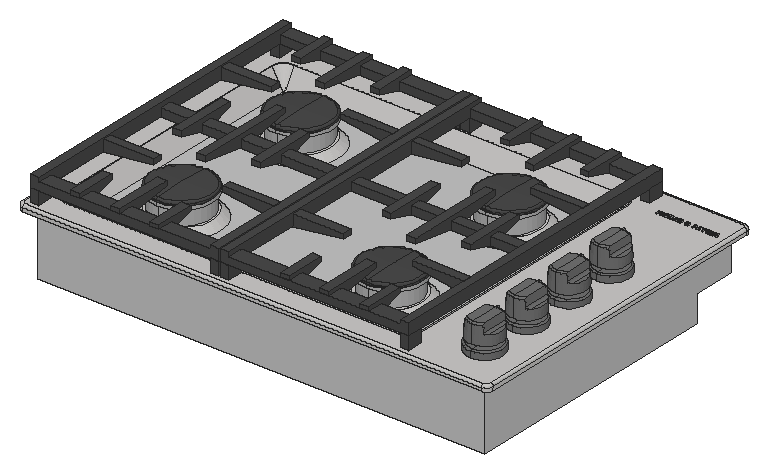
Revit family "FP_Revit_18_CDV3-304H-L_Cooktop_90001912A", category Specialty Equipment, Revit 2018
Family settings
  Round Connector Dimension = Use Diameter
  Part Type = Normal
  OmniClass Number = 23.40.40.14.17.11
  OmniClass Title = Cookers, Ovens, Stoves
  Work Plane-Based = No
  Always vertical = Yes
  Cut with Voids When Loaded = Yes
  Shared = No
  Room Calculation Point = No
Parameters (values of type "CDV3-304H-L")
  Visibility - Gas Elbow Side Facing = no
  Visibility - Gas Elbow Rear Facing = no
  Visibility - Clearance Required = yes
  URL = "www.fisherpaykel.com"
  Product - Width = 762 mm  # constant formula
  Product - Height = 162 mm  # constant formula
  Product - Depth = 533 mm  # constant formula
  Model = "CDV3-304H-L"
  Material - Trim = Fisher & Paykel - Aluminium, Dark
  Material - Cooktop = Fisher & Paykel - Stainless Steel
  Material - Burners & Trivets = Fisher & Paykel - Black, Matte
  Material - Body = Fisher & Paykel - Grey
  Manufacturer = "Fisher & Paykel Appliances"
  Keynote = ""
  FFL Offset [instance] = 915 mm
  Description = "30\" Professional Gas Cooktop,"
  Connector Note - Gas = "LP Supply Pressure = 11\" to 14\" WC, 1/2\" NPT Minimum 5/8\" dia. flex line"
  Connector Note - Electrical = "120 V, 0.1 A Max, 60 Hz"
  Clearance - Side Combustible = 305 mm  # constant formula
  Clearance - Rear Combustible = 51 mm  # constant formula
  Clearance - Overhead Rangehood = 762 mm  # constant formula
  Clearance - Overhead Non-Combustible = 762 mm  # constant formula
  Clearance - Overhead Combustible = 914 mm  # constant formula
  Clearance - Below Non-Combustible = 70 mm  # constant formula
  Clearance - Below Combustible = 65 mm  # constant formula
  Chassis - Width = 723 mm  # constant formula
  Chassis - Height = 102 mm  # constant formula
  Chassis - Depth = 497 mm  # constant formula
  Cavity - Width = 727 mm  # constant formula
  Cavity - Height = 112 mm  # constant formula
  Cavity - Depth = 502 mm  # constant formula
Types (5, lengths in mm): name | Visibility - Gas Elbow Side Facing | Visibility - Gas Elbow Rear Facing | Model | Connector Note - Gas
  (no name) | no | no | "CDV3-304H-L" | "LP Supply Pressure = 11\" to 14\" WC, 1/2\" NPT Minimum 5/8\" dia. flex line"
  CDV3-304H-L | no | no | "CDV3-304H-L" | "LP Supply Pressure = 11\" to 14\" WC, 1/2\" NPT Minimum 5/8\" dia. flex line"
  CDV3-304H-N | yes | yes | "CDV3-304H-N" | "NG Supply Pressure = 6\" to 9\" WC, 1/2\" NPT Minimum 5/8\" dia. flex line"
  CDV3-304-N | yes | yes | "CDV3-304-N" | "NG Supply Pressure = 6\" to 9\" WC, 1/2\" NPT Minimum 5/8\" dia. flex line"
  CDV3-304-L | yes | yes | "CDV3-304-L" | "LP Supply Pressure = 11\" to 14\" WC, 1/2\" NPT Minimum 5/8\" dia. flex line"
Reference planes
  plane 1 "Datum": y = 0
  plane 2: z = 0
  plane 3 "Center (Left/Right)": x = 0
  plane 4 "Product LHS": x = -381
  plane 5 "Product RHS": x = 381
  plane 6 "Product - Depth": y = 533
  plane 7 "Cavity LHS": x = -363.5
  plane 8 "Cavity RHS": x = 363.5
  plane 9 "Cavity - Front": y = 15.8
  plane 10 "Cavity - Depth": y = 517.8
  plane 11 "Basepan": z = 813
  plane 12 "Countertop": z = 915
  plane 13 "Hob Top": z = 924.5
Forms (mm)
  Extrusion 1, solid, material "Fisher & Paykel - Grey" <- "Material - Body"
    sketch origin (0, 0, 0) x (1, 0, 0) y (0, 1, 0)
      loop
        line (361.5, 447.3) -> (255, 447.3) -> (255, 515.3) -> (-361.5, 515.3) -> (-361.5, 18.3) -> (361.5, 18.3) -> (361.5, 447.3)
    from 813 to 915
  Extrusion 2, solid, material "Fisher & Paykel - Clearance Required (Cutout)", visible <- "Visibility - Clearance Required", detail levels coarse
    sketch origin (0, 0, 0) x (1, 0, 0) y (0, 1, 0)
      loop
        line (-363.5, 15.8) -> (363.5, 15.8) -> (363.5, 517.8) -> (-363.5, 517.8) -> (-363.5, 15.8)
    from 803 to 915
  Extrusion 3, solid, material "Fisher & Paykel - Stainless Steel" <- "Material - Cooktop"
    sketch origin (0, 0, 0) x (1, 0, 0) y (0, 1, 0)
      loop
        arc (-371, 533) -> (-378.071, 530.071) -> (-381, 523) r 10
        line (-381, 523) -> (-381, 10)
        arc (-381, 10) -> (-378.071, 2.929) -> (-371, 0) r 10
        line (-371, 0) -> (371, 0)
        arc (371, 0) -> (378.071, 2.929) -> (381, 10) r 10
        line (381, 10) -> (381, 523)
        arc (381, 523) -> (378.071, 530.071) -> (371, 533) r 10
        line (371, 533) -> (-371, 533)
    from 915 to 924.5
  Extrusion 4, void
    sketch origin (0, 0, 0) x (1, 0, 0) y (0, 1, 0)
      loop
        arc (-330.447, 496.197) -> (-344.589, 490.34) -> (-350.447, 476.197) r 20
        line (-350.447, 476.197) -> (-350.447, 57.203)
        arc (-350.447, 57.203) -> (-344.589, 43.06) -> (-330.447, 37.203) r 20
        line (-330.447, 37.203) -> (205.627, 37.203)
        arc (205.627, 37.203) -> (219.769, 43.06) -> (225.627, 57.203) r 20
        line (225.627, 57.203) -> (225.627, 476.197)
        arc (225.627, 476.197) -> (219.769, 490.34) -> (205.627, 496.197) r 20
        line (205.627, 496.197) -> (-330.447, 496.197)
    from 893 to 924.5
  Sweep 5, solid, material "Fisher & Paykel - Stainless Steel" <- "Material - Cooktop", detail levels fine
    path in 3D
      loop
        arc (205.627, 496.197, 924.5) -> (219.769, 490.34, 924.5) -> (225.627, 476.197, 924.5) r 20
        line (225.627, 476.197, 924.5) -> (225.627, 57.203, 924.5)
        arc (225.627, 57.203, 924.5) -> (219.769, 43.06, 924.5) -> (205.627, 37.203, 924.5) r 20
        line (205.627, 37.203, 924.5) -> (-330.447, 37.203, 924.5)
        arc (-330.447, 37.203, 924.5) -> (-344.589, 43.06, 924.5) -> (-350.447, 57.203, 924.5) r 20
        line (-350.447, 57.203, 924.5) -> (-350.447, 476.197, 924.5)
        arc (-350.447, 476.197, 924.5) -> (-344.589, 490.34, 924.5) -> (-330.447, 496.197, 924.5) r 20
        line (-330.447, 496.197, 924.5) -> (205.627, 496.197, 924.5)
    profile origin (-62.41, 496.197, 924.5) x (0, 1, 0) y (0, 0, 1)
      loop
        line (0, 0) -> (-18.187, -31.5) -> (0, -31.5) -> (0, 0)
  Sweep 6, void
    path in 3D
      loop
        arc (381, 523, 924.5) -> (378.071, 530.071, 924.5) -> (371, 533, 924.5) r 10
        line (371, 533, 924.5) -> (-371, 533, 924.5)
        arc (-371, 533, 924.5) -> (-378.071, 530.071, 924.5) -> (-381, 523, 924.5) r 10
        line (-381, 523, 924.5) -> (-381, 10, 924.5)
        arc (-381, 10, 924.5) -> (-378.071, 2.929, 924.5) -> (-371, 0, 924.5) r 10
        line (-371, 0, 924.5) -> (371, 0, 924.5)
        arc (371, 0, 924.5) -> (378.071, 2.929, 924.5) -> (381, 10, 924.5) r 10
        line (381, 10, 924.5) -> (381, 523, 924.5)
    profile origin (381, 266.5, 924.5) x (-1, 0, 0) y (0, 0, 1)
      loop
        line (0, 0) -> (0, -4)
        arc (0, -4) -> (1.172, -1.172) -> (4, 0) r 4
        line (4, 0) -> (0, 0)
  Extrusion 7, solid, material "Fisher & Paykel - Grey" <- "Material - Body"
    sketch origin (0, 0, 0) x (1, 0, 0) y (0, 1, 0)
      loop
        circle (338.231, 491.487) r 3
    from 856.4 to 844
  Extrusion 8, solid, material "Fisher & Paykel - Grey" <- "Material - Body"
    sketch origin (0, 0, 0) x (1, 0, 0) y (0, 1, 0)
      loop
        circle (290.996, 481.611) r 10.5
      loop
        circle (290.996, 481.611) r 7
    from 844 to 856.4
  Extrusion 9, void
    sketch origin (0, 0, 0) x (1, 0, 0) y (0, 1, 0)
      loop
        line (-363.5, 15.8) -> (363.5, 15.8) -> (363.5, 517.8) -> (-363.5, 517.8) -> (-363.5, 15.8)
    from 803 to 915
  Extrusion 10, solid, material "Fisher & Paykel - Clearance Required (Combustible)", visible <- "Visibility - Clearance Required", detail levels coarse
    sketch origin (0, 0, -9.5) x (1, 0, 0) y (0, 1, 0)
      loop
        line (-686, 0) -> (-381, 0) -> (-381, 533) -> (381, 533) -> (381, 0) -> (686, 0) -> (686, 568.8) -> (-686, 568.8) -> (-686, 0)
    from 924.5 to 1381.5
  Extrusion 11, solid, material "Fisher & Paykel - Clearance Required (Non-Combustible)", visible <- "Visibility - Clearance Required", detail levels coarse
    sketch origin (0, 0, 0) x (1, 0, 0) y (0, 1, 0)
      loop
        line (-381, 0) -> (381, 0) -> (381, 533) -> (-381, 533) -> (-381, 0)
    from 924.5 to 1686.5
  Extrusion 12, solid, material "Fisher & Paykel - Clearance Required (Combustible)", visible <- "Visibility - Clearance Required", detail levels coarse
    sketch origin (0, 0, 0) x (1, 0, 0) y (0, 1, 0)
      loop
        line (-381, 0) -> (381, 0) -> (381, 533) -> (-381, 533) -> (-381, 0)
    from 1686.5 to 1838.5
  Extrusion 13, solid, material "Fisher & Paykel - Grey" <- "Material - Body"
    sketch origin (0, 0, 0) x (1, 0, 0) y (0, 1, 0)
      loop
        line (255, 447.3) -> (361.5, 447.3) -> (361.5, 515.3) -> (255, 515.3) -> (255, 447.3)
    from 856.4 to 915
Cuts and joins
  Extrusion 4 cuts Extrusion 1
  joined: Extrusion 1, Extrusion 13
  Extrusion 4, Sweep 6 cuts Extrusion 3
Lines and regions (mm)
  sketch lines
    curve 1: line (-330.447, 496.197, 924.5) -> (205.627, 496.197, 924.5)
    curve 2: arc (225.627, 476.197, 924.5) -> (219.769, 490.34, 924.5) -> (205.627, 496.197, 924.5) r 20
    curve 3: line (225.627, 476.197, 924.5) -> (225.627, 57.203, 924.5)
    curve 4: arc (205.627, 37.203, 924.5) -> (219.769, 43.06, 924.5) -> (225.627, 57.203, 924.5) r 20
    curve 5: line (205.627, 37.203, 924.5) -> (-330.447, 37.203, 924.5)
    curve 6: arc (-350.447, 57.203, 924.5) -> (-344.589, 43.06, 924.5) -> (-330.447, 37.203, 924.5) r 20
    curve 7: arc (-330.447, 496.197, 924.5) -> (-344.589, 490.34, 924.5) -> (-350.447, 476.197, 924.5) r 20
    curve 8: line (-350.447, 57.203, 924.5) -> (-350.447, 476.197, 924.5)
    curve 9: line (381, 10, 924.5) -> (381, 523, 924.5)
    curve 10: arc (381, 10, 924.5) -> (378.071, 2.929, 924.5) -> (371, 0, 924.5) r 10
    curve 11: line (-371, 0, 924.5) -> (371, 0, 924.5)
    curve 12: arc (-371, 0, 924.5) -> (-378.071, 2.929, 924.5) -> (-381, 10, 924.5) r 10
    curve 13: line (-381, 523, 924.5) -> (-381, 10, 924.5)
    curve 14: arc (-381, 523, 924.5) -> (-378.071, 530.071, 924.5) -> (-371, 533, 924.5) r 10
    curve 15: line (371, 533, 924.5) -> (-371, 533, 924.5)
    curve 16: arc (371, 533, 924.5) -> (378.071, 530.071, 924.5) -> (381, 523, 924.5) r 10
Text (mm)
  text "Due to ongoing product development, product details are subject to change without notice. \nPlease always refer to www.fisherpaykel.com for the most current product information. \n© Fisher & Paykel 2020" at (41.04, -459.323, 0), in view "Ref. Level (Plan)"
Dimensions and locks
  equal spacing: plane 4 "Product LHS", plane 3 "Center (Left/Right)", plane 5 "Product RHS"
  "Product - Width": plane 4 "Product LHS" to plane 5 "Product RHS"
  equal spacing: plane 7 "Cavity LHS", plane 3 "Center (Left/Right)", plane 8 "Cavity RHS"
  "Cavity - Width": plane 7 "Cavity LHS" to plane 8 "Cavity RHS"
  "Chassis - Width": cut or joined group of Extrusion 1, Extrusion 4, Extrusion 13 to cut or joined group of Extrusion 1, Extrusion 4, Extrusion 13
  equal spacing: cut or joined group of Extrusion 1, Extrusion 4, Extrusion 13, plane 3 "Center (Left/Right)", cut or joined group of Extrusion 1, Extrusion 4, Extrusion 13
  "Product - Depth": plane 6 "Product - Depth" to plane 1 "Datum"
  "Cavity - Depth": plane 9 "Cavity - Front" to plane 10 "Cavity - Depth"
  locked: plane 1 "Datum" to plane 9 "Cavity - Front" at 15.8
  locked: plane 13 "Hob Top" to plane 12 "Countertop" at 9.5
  "Chassis - Height": plane 12 "Countertop" to plane 11 "Basepan"
  "FFL Offset": plane 12 "Countertop" to level
  "Cavity - Height": plane 12 "Countertop" to Extrusion 2
  plane 12 "Countertop" to Sweep 5 = 22 mm
  locked: nested 3 to plane 12 "Countertop" at 49.5
  locked: plane 12 "Countertop" to cut or joined group of Extrusion 1, Extrusion 4, Extrusion 13 at 22
  locked: Extrusion 10 to plane 12 "Countertop" at 457
  "Clearance - Overhead Non-Combustible": Extrusion 11 to plane 13 "Hob Top"
  Extrusion 10 to plane 10 "Cavity - Depth" to cut or joined group of Extrusion 1, Extrusion 4, Extrusion 13 = 15.2 mm, 2.5 mm
  "Clearance - Overhead Combustible": Extrusion 12 to plane 13 "Hob Top"
  "Clearance - Rear Combustible": Extrusion 10 to plane 10 "Cavity - Depth"
  "Clearance - Side Combustible": Extrusion 10 to plane 4 "Product LHS"
  "Clearance - Side Combustible": plane 5 "Product RHS" to Extrusion 10
  "Chassis - Depth": cut or joined group of Extrusion 1, Extrusion 4, Extrusion 13 to cut or joined group of Extrusion 1, Extrusion 4, Extrusion 13
  locked: plane 1 "Datum" to cut or joined group of Extrusion 1, Extrusion 4, Extrusion 13 at 18.3
  locked: Extrusion 13 to plane 12 "Countertop" at 58.6
  locked: plane 12 "Countertop" to nested 15 at 86.6
  locked: plane 12 "Countertop" to nested 16 at 86.6
  locked: plane 12 "Countertop" to Extrusion 8 at 71
  aligned and locked: level to plane 2
  aligned and locked: plane 6 "Product - Depth" to Extrusion 3
  aligned and locked: plane 1 "Datum" to Extrusion 3
  aligned and locked: Extrusion 3 to plane 4 "Product LHS"
  aligned and locked: Extrusion 3 to plane 5 "Product RHS"
  aligned and locked: Extrusion 2 to plane 9 "Cavity - Front"
  aligned and locked: plane 12 "Countertop" to Extrusion 2
  aligned and locked: Extrusion 2 to Extrusion 1
  aligned and locked: Extrusion 1 to plane 11 "Basepan"
  aligned and locked: Extrusion 3 to Extrusion 2
  aligned and locked: Extrusion 9 to Extrusion 2  (x2)
  aligned and locked: plane 13 "Hob Top" to Extrusion 3
  aligned and locked: cut or joined group of Extrusion 3, Extrusion 4, Sweep 6 to Extrusion 4
  aligned and locked: Extrusion 10 to Extrusion 2
  aligned and locked: Extrusion 11 to cut or joined group of Extrusion 3, Extrusion 4, Sweep 6
  aligned and locked: Extrusion 12 to Extrusion 11
  aligned and locked: plane 12 "Countertop" to Extrusion 13
  aligned and locked: Extrusion 8 to Extrusion 13
  aligned and locked: Extrusion 7 to Extrusion 13
  aligned and locked: Extrusion 13 to cut or joined group of Extrusion 1, Extrusion 4, Extrusion 13  (x2)
  aligned and locked: Extrusion 13 to cut or joined group of Extrusion 3, Extrusion 4, Sweep 6
  aligned and locked: Extrusion 8 to Extrusion 7
  aligned and locked: Extrusion 1 to Extrusion 13
Automatic sketch dimensions
  plane 10 "Cavity - Depth" to Extrusion 2 sketch curve = 0 mm
  Extrusion 2 sketch curve to plane 9 "Cavity - Front" = 0 mm
  plane 7 "Cavity LHS" to Extrusion 2 sketch curve = 0 mm
  Extrusion 2 sketch curve to plane 8 "Cavity RHS" = 0 mm
  Extrusion 3 sketch curve to plane 4 "Product LHS" = 0 mm
  plane 1 "Datum" to Extrusion 3 sketch curve = 0 mm
  Extrusion 3 sketch curve to plane 6 "Product - Depth" = 0 mm
  Extrusion 3 sketch curve to plane 5 "Product RHS" = 0 mm
  plane 7 "Cavity LHS" to Extrusion 3 sketch curve = 7.5 mm  (x2)
  Extrusion 3 sketch curve to plane 8 "Cavity RHS" = 7.5 mm
  Extrusion 3 sketch curve to plane 9 "Cavity - Front" = 5.8 mm
  Extrusion 4 sketch curve to plane 7 "Cavity LHS" = 13.053 mm
  plane 9 "Cavity - Front" to Extrusion 4 sketch curve = 21.403 mm
  Extrusion 4 sketch curve to Extrusion 4 sketch curve = 20 mm  (x3)
  plane 10 "Cavity - Depth" to Extrusion 4 sketch curve = 21.603 mm
  plane 8 "Cavity RHS" to Extrusion 4 sketch curve = 157.873 mm  (x2)
  Sweep 5 sketch curve to profile plane = 0 mm  (x2)
  profile plane to Sweep 5 sketch curve = 18.187 mm
  Sweep 5 sketch curve to Sweep 5 sketch curve = 31.5 mm
  Sweep 6 sketch curve to profile plane = 0 mm  (x2)
  Sweep 6 sketch curve to Sweep 6 sketch curve = 4 mm
  plane 8 "Cavity RHS" to Extrusion 7 sketch curve = 25.269 mm
  plane 10 "Cavity - Depth" to Extrusion 7 sketch curve = 26.312 mm
  plane 10 "Cavity - Depth" to Extrusion 9 sketch curve = 0 mm
  Extrusion 9 sketch curve to plane 9 "Cavity - Front" = 0 mm
  plane 7 "Cavity LHS" to Extrusion 9 sketch curve = 0 mm
  Extrusion 9 sketch curve to plane 8 "Cavity RHS" = 0 mm
  plane 1 "Datum" to Extrusion 10 sketch curve = 0 mm  (x2)
  Extrusion 10 sketch curve to plane 4 "Product LHS" = 0 mm
  Extrusion 10 sketch curve to plane 5 "Product RHS" = 0 mm
  Extrusion 10 sketch curve to plane 6 "Product - Depth" = 0 mm
  plane 4 "Product LHS" to Extrusion 10 sketch curve = 305 mm
  Extrusion 10 sketch curve to Extrusion 10 sketch curve = 305 mm
  plane 6 "Product - Depth" to Extrusion 10 sketch curve = 35.8 mm
  Extrusion 11 sketch curve to plane 4 "Product LHS" = 0 mm
  Extrusion 11 sketch curve to plane 5 "Product RHS" = 0 mm
  plane 1 "Datum" to Extrusion 11 sketch curve = 0 mm
  Extrusion 11 sketch curve to plane 6 "Product - Depth" = 0 mm
  Extrusion 12 sketch curve to plane 4 "Product LHS" = 0 mm
  Extrusion 12 sketch curve to plane 5 "Product RHS" = 0 mm
  plane 1 "Datum" to Extrusion 12 sketch curve = 0 mm
  Extrusion 12 sketch curve to plane 6 "Product - Depth" = 0 mm
  Extrusion 1 sketch curve to plane 7 "Cavity LHS" = 2 mm
  plane 8 "Cavity RHS" to Extrusion 1 sketch curve = 2 mm
  plane 9 "Cavity - Front" to Extrusion 1 sketch curve = 2.5 mm
  plane 10 "Cavity - Depth" to Extrusion 1 sketch curve = 2.5 mm
  Extrusion 1 sketch curve to Extrusion 1 sketch curve = 106.5 mm
  Extrusion 1 sketch curve to Extrusion 1 sketch curve = 68 mm
  Extrusion 13 sketch curve to plane 6 "Product - Depth" = 17.7 mm
  plane 8 "Cavity RHS" to Extrusion 13 sketch curve = 108.5 mm
  plane 5 "Product RHS" to Extrusion 13 sketch curve = 19.5 mm
  plane 10 "Cavity - Depth" to Extrusion 13 sketch curve = 70.5 mm
  Extrusion 8 sketch curve to Extrusion 8 sketch curve = 0 mm  (x2)
  plane 10 "Cavity - Depth" to Extrusion 8 sketch curve = 36.189 mm
  plane 8 "Cavity RHS" to Extrusion 8 sketch curve = 72.504 mm
  radius of Extrusion 7 sketch curve = 3 mm
  radius of Extrusion 8 sketch curve = 7 mm
  radius of Extrusion 8 sketch curve = 10.5 mm
Nested families
  nested 1: "F&P Logo 100mm Horizontal" at (316, 483, 924.5), type "F&P Logo 100mm Horizontal"
  nested 2: "F&P CDV3 Trivet 304" at (-231.8, -53.962, 927.5), type "F&P CDV3 Trivet 304"
  nested 3: "F&P CDV3 Trivet 304" at (107.264, 587.362, 927.5) x (-1, 0, 0) z (0, 0, 1), type "F&P CDV3 Trivet 304"
  nested 4: "F&P Dial CDV3" at (316, 74.79, 924.5), type "F&P Dial CDV3"
  nested 5: "F&P Dial CDV3" at (316, 159.79, 924.5), type "F&P Dial CDV3"
  nested 6: "F&P Dial CDV3" at (316, 244.79, 924.5), type "F&P Dial CDV3"
  nested 7: "F&P Dial CDV3" at (316, 329.79, 924.5), type "F&P Dial CDV3"
  nested 8: "F&P Logo 100mm Horizontal" at (316, 483, 509.5), type "F&P Logo 100mm Horizontal", not visible
  nested 9: "F&P CDV3 Trivet 304" at (-231.8, -53.962, 512.5), type "F&P CDV3 Trivet 304", not visible
  nested 10: "F&P CDV3 Trivet 304" at (107.264, 587.362, 512.5) x (-1, 0, 0) z (0, 0, 1), type "F&P CDV3 Trivet 304", not visible
  nested 11: "F&P Dial CDV3" at (316, 74.79, 509.5), type "F&P Dial CDV3", not visible
  nested 12: "F&P Dial CDV3" at (316, 159.79, 509.5), type "F&P Dial CDV3", not visible
  nested 13: "F&P Dial CDV3" at (316, 244.79, 509.5), type "F&P Dial CDV3", not visible
  nested 14: "F&P Dial CDV3" at (316, 329.79, 509.5), type "F&P Dial CDV3", not visible
  nested 15: "F&P Gas_Elbow" at (290.996, 481.611, 828.4), visible <- "Visibility - Gas Elbow Side Facing", type "F&P Gas_Elbow"
  nested 16: "F&P Gas_Elbow" at (290.996, 481.611, 828.4) x (0, 1, 0) z (0, 0, 1), visible <- "Visibility - Gas Elbow Rear Facing", type "F&P Gas_Elbow"
Connectors
  electrical at (338.231, 491.487, 856.4), driven by "Connector Note - Electrical"
    settings: on Extrusion 7, index 1, voltage 120 V, apparent load 0 VA, apparent load phase1 0 VA, apparent load phase2 0 VA, apparent load phase3 0 VA, power factor 1, load classification "Other", number of poles 1, system type 30, power factor state 1, is connector primary yes, connector utility no, sub classification motor no, connector description "120 V, 0.1 A Max, 60 Hz"
  piping at (290.996, 481.611, 844), diameter 21, driven by "Connector Note - Gas"
    settings: on Extrusion 8, index 2, connector inside diameter 609.6 mm, connector length 0 mm, flow factor 0, pipe flow 0.0 L/s, pressure drop 0.0 Pa, fitting loss kfactor 0, connector angle 0.00°, fixture units 0, engagement length 0 mm, angle of deflection 0.00°, flow configuration 0, flow direction 1, fitting loss method 0, system type 22, joint type 0, gender type 0, connector reference index -1, connector utility 0, adjustable connector no, is connector primary yes, connector description "LP Supply Pressure = 11\" to 14\" WC, 1/2\" NPT Minimum 5/8\" dia. flex line"
Definition of nested family "F&P Logo 100mm Horizontal"
  Parameters (values of type "F&P Logo 100mm Horizontal")
    URL = "www.fisherpaykel.com"
    Material - Logo = none
    Manufacturer = "Fisher & Paykel Appliances"
  Reference planes
    plane 1 "Center (Front/Back)": y = 0
    plane 2: z = 0
    plane 3 "Center (Left/Right)": x = 0
  Forms (mm)
    Extrusion 1, solid, material <- "Material - Logo", detail levels fine
      sketch origin (0, 0, 0) x (1, 0, 0) y (0, 1, 0)
        loop
          line (-49.996, 0) -> (-48.422, 0) -> (-48.422, 2.138) -> (-45.963, 2.138) -> (-45.963, 3.472) -> (-48.422, 3.472) -> (-48.422, 4.712) -> (-45.746, 4.712) -> (-45.746, 6.04) -> (-49.996, 6.04) -> (-49.996, 0)
        loop
          line (-42.756, 6.04) -> (-42.756, 0) -> (-41.182, 0) -> (-41.182, 6.04) -> (-42.756, 6.04)
        loop
          line (-30.676, 6.04) -> (-30.676, 0) -> (-29.103, 0) -> (-29.103, 2.42) -> (-26.791, 2.42) -> (-26.791, 0) -> (-25.217, 0) -> (-25.217, 6.04) -> (-26.791, 6.04) -> (-26.791, 3.748) -> (-29.103, 3.748) -> (-29.103, 6.04) -> (-30.676, 6.04)
        loop
          line (-21.858, 6.04) -> (-21.858, 0) -> (-17.554, 0) -> (-17.554, 1.328) -> (-20.299, 1.328) -> (-20.299, 2.42) -> (-17.79, 2.42) -> (-17.79, 3.748) -> (-20.299, 3.748) -> (-20.299, 4.712) -> (-17.554, 4.712) -> (-17.554, 6.04) -> (-21.858, 6.04)
        loop
          line (45.715, 6.04) -> (45.715, 0) -> (50.004, 0) -> (50.004, 1.328) -> (47.289, 1.328) -> (47.289, 6.04) -> (45.715, 6.04)
        loop
          line (42.479, 6.04) -> (38.161, 6.04) -> (38.161, 0) -> (42.479, 0) -> (42.479, 1.328) -> (39.735, 1.328) -> (39.735, 2.42) -> (42.243, 2.42) -> (42.243, 3.748) -> (39.735, 3.748) -> (39.735, 4.712) -> (42.479, 4.712) -> (42.479, 6.04)
        loop
          line (33.499, 3.148) -> (35.731, 6.04) -> (33.892, 6.04) -> (31.964, 3.542) -> (31.964, 6.04) -> (30.39, 6.04) -> (30.39, 0) -> (31.964, 0) -> (31.964, 2.705) -> (33.951, 0) -> (35.811, 0) -> (33.499, 3.148)
        loop
          line (22.029, 6.04) -> (24.311, 2.42) -> (24.311, 0) -> (25.885, 0) -> (25.885, 2.341) -> (28.167, 6.04) -> (26.494, 6.04) -> (25.148, 3.707) -> (23.801, 6.04) -> (22.029, 6.04)
        loop
          line (18.527, 6.04) -> (17.031, 6.04) -> (14.572, 0) -> (16.117, 0) -> (16.549, 1.112) -> (18.969, 1.112) -> (19.402, 0) -> (20.986, 0) -> (18.527, 6.04)
        loop
          line (18.448, 2.439) -> (17.741, 4.174) -> (17.066, 2.439) -> (18.448, 2.439)
        loop
          line (8.079, 6.04) -> (8.079, 0) -> (9.654, 0) -> (9.654, 1.938) -> (10.647, 1.938)
          arc (10.647, 1.938) -> (12.698, 3.989) -> (10.647, 6.04) r 2.051
          line (10.647, 6.04) -> (8.079, 6.04)
        loop
          line (9.654, 4.712) -> (9.654, 3.197) -> (10.549, 3.197)
          arc (10.549, 3.197) -> (11.307, 3.954) -> (10.549, 4.712) r 0.757
          line (10.549, 4.712) -> (9.654, 4.712)
        loop
          line (-11.735, 6.04) -> (-14.318, 6.04) -> (-14.318, 0) -> (-12.744, 0) -> (-12.744, 1.336) -> (-11.944, 1.336) -> (-10.924, 0) -> (-9.104, 0) -> (-10.646, 1.973)
          arc (-10.646, 1.973) -> (-9.63, 4.424) -> (-11.735, 6.04) r 2.179
        loop
          line (-11.849, 4.712) -> (-12.744, 4.712) -> (-12.744, 3.053) -> (-11.849, 3.053)
          arc (-11.849, 3.053) -> (-11.02, 3.882) -> (-11.849, 4.712) r 0.83
        loop
          line (0.526, 4.712) -> (0.526, 6.153) -> (-3.527, 6.153) -> (-3.527, 4.851) -> (-2.926, 4.112)
          arc (-2.926, 4.112) -> (-3.462, 0.684) -> (0.003, 0.512) r 2.334
          line (0.003, 0.512) -> (0.508, -0.109) -> (2.294, -0.109) -> (0.908, 1.594) -> (2.109, 3.324) -> (0.491, 3.324) -> (0.035, 2.667) -> (-1.629, 4.712) -> (0.526, 4.712)
        loop
          arc (-2.077, 3.068) -> (-2.221, 1.668) -> (-0.82, 1.524) r 0.996
          line (-0.82, 1.524) -> (-2.077, 3.068)
        loop
          line (-35.132, 3.634) -> (-36.468, 3.91)
          arc (-36.468, 3.91) -> (-37, 4.443) -> (-36.468, 4.976) r 0.533
          arc (-36.468, 4.976) -> (-35.186, 4.79) -> (-34.011, 4.248) r 4.505
          line (-34.011, 4.248) -> (-34.011, 5.743)
          arc (-34.011, 5.743) -> (-35.501, 6.179) -> (-37.052, 6.109) r 4.726
          arc (-37.052, 6.109) -> (-38.488, 4.335) -> (-37.052, 2.561) r 1.814
          line (-37.052, 2.561) -> (-35.706, 2.282)
          arc (-35.706, 2.282) -> (-35.173, 1.749) -> (-35.706, 1.216) r 0.533
          arc (-35.706, 1.216) -> (-36.987, 1.402) -> (-38.162, 1.945) r 4.505
          line (-38.162, 1.945) -> (-38.162, 0.449)
          arc (-38.162, 0.449) -> (-36.672, 0.013) -> (-35.121, 0.083) r 4.726
          arc (-35.121, 0.083) -> (-33.686, 1.863) -> (-35.132, 3.634) r 1.814
      from 0 to 0.8
  Dimensions and locks
    aligned and locked: level to plane 2
Definition of nested family "F&P CDV3 Trivet 304"
  Parameters (values of type "F&P CDV3 Trivet 304")
    URL = "www.fisherpaykel.com"
    Product - Width = 278 mm
    Material - Trim = none
    Material - Burners & Trivets = none
    Material - Body = none
    Manufacturer = "Fisher & Paykel Appliances"
  Reference planes
    plane 1 "Center (Front/Back)": y = 0
    plane 2: z = 0
    plane 3 "Center (Left/Right)": x = 0
    plane 4 "Product LHS": x = -137
    plane 5 "Product RHS": x = 168.532
  Forms (mm)
    Extrusion 1, solid, material <- "Material - Burners & Trivets"
      sketch origin (0, 0, 0) x (1, 0, 0) y (0, 1, 0)
        loop
          line (-137, 575.663) -> (-137, 65.662) -> (168.532, 65.662) -> (168.532, 575.663) -> (-137, 575.663)
        loop
          line (154.532, 329.703) -> (154.532, 551.662) -> (-122.868, 551.662) -> (-122.868, 329.703) -> (154.532, 329.703)
        loop
          line (154.532, 89.663) -> (154.532, 311.622) -> (-122.868, 311.622) -> (-122.868, 89.663) -> (154.532, 89.663)
      from 18 to 31
    Extrusion 2, solid, material <- "Material - Burners & Trivets", detail levels fine
      sketch origin (0, 0, 0) x (1, 0, 0) y (0, 1, 0)
        loop
          line (-123, 551.662) -> (-123, 575.663) -> (-137, 575.663) -> (-137, 551.662) -> (-123, 551.662)
        loop
          line (-122.868, 89.663) -> (-137, 89.663) -> (-137, 65.662) -> (-122.868, 65.662) -> (-122.868, 89.663)
        loop
          line (154.532, 89.663) -> (154.532, 65.662) -> (168.532, 65.662) -> (168.532, 89.663) -> (154.532, 89.663)
        loop
          line (154.532, 551.662) -> (168.532, 551.662) -> (168.532, 575.663) -> (154.532, 575.663) -> (154.532, 551.662)
      from -3 to 18
    Revolve 3, solid, material <- "Material - Body", detail levels fine
      sketch origin (0, 0, 0) x (0, 1, 0) y (0, 0, -1)
        loop
          line (150.642, -7.236) -> (200.642, -7.236) -> (200.642, 23.189) -> (155.063, 23.189) -> (155.063, -2.236) -> (150.642, -2.236) -> (150.642, -7.236)
        axis (200.642, -7.236) -> (200.642, 23.189)
      angle from 0 to 360
    Revolve 4, solid, material <- "Material - Burners & Trivets"
      sketch origin (0, 0, 0) x (0, 1, 0) y (0, 0, -1)
        loop
          line (200.642, -8.307) -> (150.643, -8.307) -> (150.643, -10.381)
          arc (150.643, -10.381) -> (151.417, -12.393) -> (153.342, -13.366) r 3
          arc (153.342, -13.366) -> (176.962, -15.15) -> (200.642, -15.745) r 471.449
          line (200.642, -15.745) -> (200.642, -8.307)
        axis (200.642, -15.745) -> (200.642, -8.307)
      angle from 0 to 360
    Revolve 5, solid, material <- "Material - Trim", detail levels fine
      sketch origin (0, 0, 0) x (0, 1, 0) y (0, 0, -1)
        loop
          line (150.602, 23.189) -> (200.642, 23.189) -> (200.642, 34.699) -> (139.092, 34.699) -> (150.602, 23.189)
        axis (200.642, 23.189) -> (200.642, 34.699)
      angle from 0 to 360
    Revolve 6, solid, material <- "Material - Body", detail levels fine
      sketch origin (0, 240.04, 0) x (0, 1, 0) y (0, 0, -1)
        loop
          line (150.642, -7.236) -> (200.642, -7.236) -> (200.642, 23.189) -> (155.063, 23.189) -> (155.063, -2.236) -> (150.642, -2.236) -> (150.642, -7.236)
        axis (200.642, -7.236) -> (200.642, 23.189)
      angle from 0 to 360
    Revolve 7, solid, material <- "Material - Burners & Trivets"
      sketch origin (0, 240.04, 0) x (0, 1, 0) y (0, 0, -1)
        loop
          line (200.642, -8.307) -> (150.643, -8.307) -> (150.643, -10.381)
          arc (150.643, -10.381) -> (151.417, -12.393) -> (153.342, -13.366) r 3
          arc (153.342, -13.366) -> (176.962, -15.15) -> (200.642, -15.745) r 471.449
          line (200.642, -15.745) -> (200.642, -8.307)
        axis (200.642, -15.745) -> (200.642, -8.307)
      angle from 0 to 360
    Revolve 8, solid, material <- "Material - Trim", detail levels fine
      sketch origin (0, 240.04, 0) x (0, 1, 0) y (0, 0, -1)
        loop
          line (150.602, 23.189) -> (200.642, 23.189) -> (200.642, 34.699) -> (139.092, 34.699) -> (150.602, 23.189)
        axis (200.642, 23.189) -> (200.642, 34.699)
      angle from 0 to 360
    Extrusion 9, solid, material <- "Material - Burners & Trivets", detail levels fine
      sketch origin (0, 0, 0) x (0, 1, 0) y (0, 0, 1)
        loop
          line (160.643, 37) -> (65.662, 37) -> (65.662, 31) -> (89.663, 31) -> (89.663, 18) -> (160.643, 29) -> (160.643, 37)
        loop
          line (240.642, 37) -> (240.642, 29) -> (311.622, 18) -> (311.622, 31) -> (329.703, 31) -> (329.703, 18) -> (400.683, 29) -> (400.683, 37) -> (240.642, 37)
        loop
          line (480.682, 37) -> (480.682, 29) -> (551.662, 18) -> (551.662, 31) -> (575.663, 31) -> (575.663, 37) -> (480.682, 37)
      from -7 to 7
    Extrusion 10, solid, material <- "Material - Burners & Trivets", detail levels fine
      sketch origin (0, 0, 0) x (0, 1, 0) y (0, 0, 1)
        loop
          line (129.662, 37) -> (65.662, 37) -> (65.662, 31) -> (89.663, 31) -> (89.663, 18) -> (129.662, 29) -> (129.662, 37)
        loop
          line (271.623, 37) -> (271.623, 29) -> (311.622, 18) -> (311.622, 31) -> (329.703, 31) -> (329.703, 18) -> (369.702, 29) -> (369.702, 37) -> (271.623, 37)
        loop
          line (511.663, 37) -> (511.663, 29) -> (551.662, 18) -> (551.662, 31) -> (575.663, 31) -> (575.663, 37) -> (511.663, 37)
      from -70.965 to -56.994
    Extrusion 11, solid, material <- "Material - Burners & Trivets", detail levels fine
      sketch origin (0, 0, 0) x (1, 0, 0) y (0, 0, 1)
        loop
          line (-40.066, 37) -> (-122.868, 37) -> (-122.868, 18.017) -> (-40.066, 29) -> (-40.066, 37)
        loop
          line (71.598, 37) -> (71.598, 29) -> (154.532, 18) -> (154.532, 37) -> (71.598, 37)
      from -208 to -194
    Extrusion 12, solid, material <- "Material - Burners & Trivets", detail levels fine
      sketch origin (0, 0, 0) x (0, 1, 0) y (0, 0, -1)
        loop
          line (129.662, -37) -> (129.662, -29) -> (89.663, -18) -> (89.663, -31) -> (65.662, -31) -> (65.662, -37) -> (129.662, -37)
        loop
          line (271.623, -37) -> (369.702, -37) -> (369.702, -29) -> (329.703, -18) -> (329.703, -31) -> (311.622, -31) -> (311.622, -18) -> (271.623, -29) -> (271.623, -37)
        loop
          line (511.663, -37) -> (575.663, -37) -> (575.663, -31) -> (551.662, -31) -> (551.662, -18) -> (511.663, -29) -> (511.663, -37)
      from -70.965 to -56.994
    Extrusion 13, solid, material <- "Material - Burners & Trivets"
      sketch origin (0, 0, 0) x (1, 0, 0) y (0, 1, 0)
        loop
          line (-137, 575.663) -> (-137, 65.662) -> (-122.868, 65.662) -> (-122.868, 575.663) -> (-137, 575.663)
        loop
          line (168.532, 575.663) -> (154.532, 575.663) -> (154.532, 65.662) -> (168.532, 65.662) -> (168.532, 575.663)
      from 31 to 37
    Extrusion 14, solid, material <- "Material - Burners & Trivets", detail levels fine
      sketch origin (0, 641.325, 0) x (1, 0, 0) y (0, 0, -1)
        loop
          line (-40.066, -37) -> (-40.066, -29) -> (-122.868, -18.017) -> (-122.868, -37) -> (-40.066, -37)
        loop
          line (71.598, -37) -> (154.532, -37) -> (154.532, -18) -> (71.598, -29) -> (71.598, -37)
      from -208 to -194
  Cuts and joins
    joined: Extrusion 1, Extrusion 13
  Dimensions and locks
    aligned and locked: level to plane 2
Definition of nested family "F&P Dial CDV3"
  Parameters (values of type "F&P Dial CDV3")
    URL = "www.fisherpaykel.com"
    Product - Depth = 50.5 mm
    Material - Trim = none
    Material - Buttons and Dials = none
    Manufacturer = "Fisher & Paykel Appliances"
  Reference planes
    plane 1 "Center (Front/Back)": y = 0
    plane 2: z = 0
    plane 3 "Center (Left/Right)": x = 0
    plane 4 "Product - Height": z = 50.5
  Forms (mm)
    Revolve 1, solid, material <- "Material - Buttons and Dials", detail levels fine
      sketch origin (0, 0, 0) x (0, 1, 0) y (0, 0, 1)
        loop
          line (-29.144, 0) -> (0, 0) -> (0, 50.5) -> (-23.6, 50.5) -> (-26.126, 47.974) -> (-27.128, 18.8) -> (-6.325, 18.8) -> (-6.325, 11.85) -> (-26.65, 11.85) -> (-29.144, 9.356) -> (-29.144, 0)
        axis (0, 50.5) -> (0, 0)
      angle from 0 to 360
    Extrusion 2, void
      sketch origin (0, 0, 0) x (0, 1, 0) y (0, 0, 1)
        loop
          line (27.028, 50.5) -> (22.639, 50.5) -> (22.639, 31.811) -> (27.028, 31.811) -> (27.028, 50.5)
      from -1.275 to 1.3
    Extrusion 3, solid, material <- "Material - Trim", detail levels fine
      sketch origin (0, 0, 0) x (0, 1, 0) y (0, 0, 1)
        loop
          line (22.639, 31.811) -> (26.721, 31.811) -> (26.721, 50.5) -> (22.639, 50.5) -> (22.639, 31.811)
      from -1.3 to 1.3
    Extrusion 4, void
      sketch origin (0, 0, 0) x (1, 0, 0) y (0, 0, 1)
        loop
          line (14.265, 50.5) -> (15.322, 38.419)
          arc (15.322, 38.419) -> (16.532, 35.497) -> (19.455, 34.286) r 4.133
          line (19.455, 34.286) -> (27, 33.626) -> (27, 50.5) -> (14.265, 50.5)
        loop
          line (-14.265, 50.5) -> (-27, 50.5) -> (-27, 33.626) -> (-19.455, 34.286)
          arc (-19.455, 34.286) -> (-16.532, 35.497) -> (-15.322, 38.419) r 4.133
          line (-15.322, 38.419) -> (-14.265, 50.5)
      from -30 to 30
    Revolve 5, solid, material <- "Material - Buttons and Dials", detail levels coarse+medium
      sketch origin (0, 0, 0) x (0, 1, 0) y (0, 0, 1)
        loop
          line (-29.144, 0) -> (0, 0) -> (0, 11.85) -> (-29.144, 11.85) -> (-29.144, 0)
        loop
          line (-27.128, 18.8) -> (-0.018, 18.8) -> (-0.018, 50.5) -> (-27.128, 50.5) -> (-27.128, 18.8)
        axis (0, 50.5) -> (0, 0)
      angle from 0 to 360
  Cuts and joins
    Extrusion 2, Extrusion 4 cuts Revolve 1
  Dimensions and locks
    "Product - Depth": plane 4 "Product - Height" to level
    plane 1 "Center (Front/Back)" to Extrusion 2 sketch curve = 27.028 mm
    plane 1 "Center (Front/Back)" to Extrusion 2 sketch curve = 22.639 mm
    aligned and locked: level to plane 2
  Automatic sketch dimensions
    Extrusion 2 sketch curve to plane 4 "Product - Height" = 0 mm
    Extrusion 2 sketch curve to Extrusion 2 sketch curve = 18.689 mm
    Extrusion 3 sketch curve to plane 4 "Product - Height" = 0 mm
    Extrusion 3 sketch curve to plane 1 "Center (Front/Back)" = 22.639 mm
    Extrusion 3 sketch curve to Extrusion 3 sketch curve = 4.082 mm
    Extrusion 3 sketch curve to Extrusion 3 sketch curve = 18.689 mm
    Extrusion 4 sketch curve to plane 4 "Product - Height" = 0 mm  (x2)
    Extrusion 4 sketch curve to plane 3 "Center (Left/Right)" = 27 mm
    Extrusion 4 sketch curve to Extrusion 4 sketch curve = 7.545 mm
    Extrusion 4 sketch curve to Extrusion 4 sketch curve = 4.133 mm  (x2)
    Extrusion 4 sketch curve to Extrusion 4 sketch curve = 1.057 mm  (x2)
    plane 3 "Center (Left/Right)" to Extrusion 4 sketch curve = 14.265 mm
    Extrusion 4 sketch curve to Extrusion 4 sketch curve = 12.735 mm
    Extrusion 4 sketch curve to plane 4 "Product - Height" = 12.081 mm  (x2)
    Extrusion 4 sketch curve to Extrusion 4 sketch curve = 0.66 mm  (x2)
    Revolve 1 sketch curve to level = 0 mm  (x2)
    Revolve 1 sketch curve to plane 4 "Product - Height" = 0 mm
    Revolve 1 sketch curve to plane 1 "Center (Front/Back)" = 0 mm  (x2)
    plane 1 "Center (Front/Back)" to Revolve 1 sketch curve = 6.325 mm
    plane 1 "Center (Front/Back)" to Revolve 1 sketch curve = 23.6 mm
    Revolve 1 sketch curve to plane 4 "Product - Height" = 2.526 mm
    Revolve 1 sketch curve to Revolve 1 sketch curve = 2.526 mm
    Revolve 1 sketch curve to Revolve 1 sketch curve = 20.803 mm
    Revolve 1 sketch curve to Revolve 1 sketch curve = 2.016 mm
    level to Revolve 1 sketch curve = 11.85 mm
    Revolve 1 sketch curve to Revolve 1 sketch curve = 6.95 mm
    Revolve 1 sketch curve to Revolve 1 sketch curve = 0.478 mm
    level to Revolve 1 sketch curve = 9.356 mm
    Revolve 1 sketch curve to level = 7.403 mm
    Revolve 5 sketch curve to level = 0 mm  (x2)
    Revolve 5 sketch curve to plane 4 "Product - Height" = 0 mm
    Revolve 5 sketch curve to plane 1 "Center (Front/Back)" = 0 mm  (x2)
    plane 1 "Center (Front/Back)" to Revolve 5 sketch curve = 0.018 mm
    Revolve 5 sketch curve to Revolve 5 sketch curve = 27.11 mm
    Revolve 5 sketch curve to Revolve 5 sketch curve = 2.016 mm
    level to Revolve 5 sketch curve = 11.85 mm
    Revolve 5 sketch curve to Revolve 5 sketch curve = 7.061 mm
    Revolve 5 sketch curve to Revolve 5 sketch curve = 6.95 mm
Definition of nested family "F&P Gas_Elbow"
  Parameters (values of type "F&P Gas_Elbow")
    Visibility - Gas Elbow = yes
    URL = "www.fisherpaykel.com"
    Material - Body = none
    Manufacturer = "Fisher & Paykel Appliances"
  Reference planes
    plane 1 "Datum": y = 0
    plane 2: z = 0
    plane 3 "Center (Left/Right)": x = 0
    plane 4 "Connection": z = 19
    plane 5 "Connection_": x = 19.05
  Forms (mm)
    Sweep 1, solid, material <- "Material - Body", visible <- "Visibility - Gas Elbow"
      path origin (0, 0, 0) x (1, 0, 0) y (0, 0, 1)
        loop
          line (0, 28) -> (0, 19.05)
          arc (0, 19.05) -> (5.58, 5.58) -> (19.05, 0) r 19.05
          line (19.05, 0) -> (28, 0)
      profile origin (0, 0, 23.525) x (0, -1, 0) y (1, 0, 0)
        loop
          circle (0, 0) r 14
        loop
          circle (0, 0) r 10.5
    Extrusion 2, solid, material <- "Material - Body", visible <- "Visibility - Gas Elbow", detail levels fine
      sketch origin (0, 0, 0) x (1, 0, 0) y (0, 1, 0)
        loop
          circle (0, 0) r 15.5
        loop
          circle (0, 0) r 10.5
      from 19 to 28
    Extrusion 3, solid, material <- "Material - Body", visible <- "Visibility - Gas Elbow", detail levels fine
      sketch origin (0, 0, 0) x (0, 1, 0) y (0, 0, 1)
        loop
          circle (0, 0) r 15.5
        loop
          circle (0, 0) r 10.5
      from 19.05 to 28
  Dimensions and locks
    locked: Extrusion 2 to level at 28
    locked: Extrusion 3 to plane 3 "Center (Left/Right)" at 28
    aligned and locked: level to plane 2
    aligned and locked: Extrusion 2 to plane 4 "Connection"
